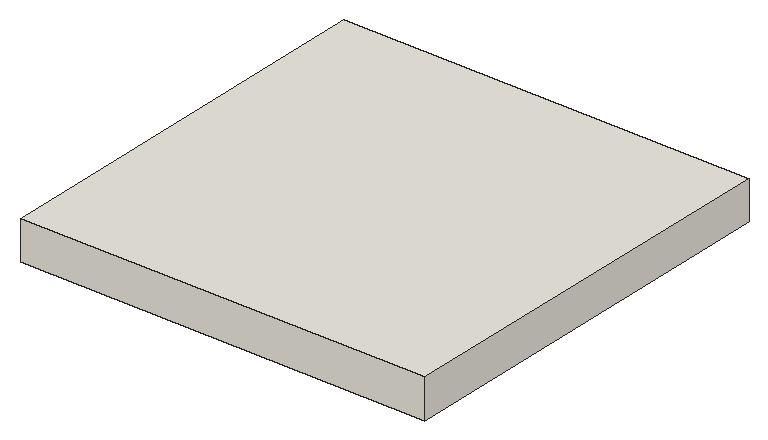
Revit family "UNIVERSAL", category Осветительные приборы, Revit 2019 (continued)
Types (12, lengths in mm): name | Файл фотометрической сетки | built-in parameter 1150105 | Lumens | built-in parameter 1150106 | built-in parameter 1150142 | Wattage | Emit from Rectangle Width | Emit from Rectangle Length | Длина | Ширина | ADSK_Ток | ADSK_Полная мощность | ADSK_Обозначение | ADSK_Номинальная мощность | ADSK_Наименование | ADSK_Код изделия
  CSVT Universal - 34/opal-sand 595x595х55 (IP20, 4000К) | "CSVT Universal-34_opal-sand.ies" | 246.69 (stored number, unit not read) | 3100 lm | 2.4669 (stored number, unit not read) | "IESNA:LM-63-95\r\n[TEST] Протокол № 50-12 \r\n[DATA] 20.06.2016\r\n[MORE] \r\n[MANUFAC] ЗАО \"Центрстройсвет\"\r\n[LUMCAT]  Светильник ALUMOGIPS-38/OPAL-SAND-(610x610)\r\n[LUMINAIRE]\r\n[LAMPCAT] Светодиоды\r\n[LAMP] Поток источника света (светодиодов) не известен\r\n[MORE] КСС приведена в абсолютных величинах кд\r\n[MORE] Вместо потока лампы, указан поток светильника.\r\nTILT=NONE\r\n1    3750 1.0 37 73 1 2 0.61 0.61 0.04\r\n1.0 1.0 38.7\r\n0.0 5.0 10.0 15.0 20.0 25.0 30.0 35.0 40.0 45.0 50.0 55.0 60.0 65.0 70.0 75.0 80.0 85.0 90.0 95.0 100.0 105.0 110.0 115.0 120.0 125.0 130.0 135.0 140.0 145.0 150.0 155.0 160.0 165.0 170.0 175.0 180.0\r\n0.0 5.0 10.0 15.0 20.0 25.0 30.0 35.0 40.0 45.0 50.0 55.0 60.0 65.0 70.0 75.0 80.0 85.0 90.0 95.0 100.0 105.0 110.0 115.0 120.0 125.0 130.0 135.0 140.0 145.0 150.0 155.0 160.0 165.0 170.0 175.0 180.0 185.0 190.0 195.0 200.0 205.0 210.0 215.0 220.0 225.0 230.0 235.0 240.0 245.0 250.0 255.0 260.0 265.0 270.0 275.0 280.0 285.0 290.0 295.0 300.0 305.0 310.0 315.0 320.0 325.0 330.0 335.0 340.0 345.0 350.0 355.0 360.0\r\n1391.4 1390.6 1365.7 1330.6 1277.5 1214.9 1147.5 1059.6 967.6 873.2 772.4 664.9 556.3 449.1 342.7 240.6 147.1 64.2 4.7 0.0 0.0 0.0 0.0 0.0 0.0 0.0 0.0 0.0 0.0 0.0 0.0 0.0 0.0 0.0 0.0 0.0 0.0\r\n1391.4 1390.5 1367.8 1332.7 1284.3 1221.3 1147.0 1062.1 969.2 872.4 773.2 666.3 557.1 450.1 343.8 241.9 146.9 64.7 5.2 0.0 0.0 0.0 0.0 0.0 0.0 0.0 0.0 0.0 0.0 0.0 0.0 0.0 0.0 0.0 0.0 0.0 0.0\r\n1391.4 1390.2 1372.0 1333.3 1277.3 1216.8 1144.5 1057.4 969.6 875.1 773.8 669.5 560.0 454.6 345.8 242.4 148.5 65.8 5.4 0.0 0.0 0.0 0.0 0.0 0.0 0.0 0.0 0.0 0.0 0.0 0.0 0.0 0.0 0.0 0.0 0.0 0.0\r\n1391.4 1389.8 1371.2 1330.7 1279.5 1220.5 1148.3 1059.9 967.7 873.2 767.5 666.8 561.4 453.0 347.1 243.7 149.9 65.6 5.8 0.0 0.0 0.0 0.0 0.0 0.0 0.0 0.0 0.0 0.0 0.0 0.0 0.0 0.0 0.0 0.0 0.0 0.0\r\n1391.4 1389.8 1368.3 1329.3 1285.0 1214.6 1141.1 1058.7 971.8 871.3 775.2 666.9 559.4 452.6 345.8 242.5 150.0 65.8 6.1 0.0 0.0 0.0 0.0 0.0 0.0 0.0 0.0 0.0 0.0 0.0 0.0 0.0 0.0 0.0 0.0 0.0 0.0\r\n1391.4 1390.5 1367.3 1332.3 1281.7 1219.0 1142.8 1064.6 970.5 874.4 772.1 667.5 560.2 453.0 346.2 241.8 149.4 65.7 5.6 0.0 0.0 0.0 0.0 0.0 0.0 0.0 0.0 0.0 0.0 0.0 0.0 0.0 0.0 0.0 0.0 0.0 0.0\r\n1391.4 1391.4 1368.1 1333.5 1277.3 1215.7 1139.0 1059.6 968.1 872.4 771.6 667.4 558.8 453.3 344.3 243.9 148.4 65.7 5.4 0.0 0.0 0.0 0.0 0.0 0.0 0.0 0.0 0.0 0.0 0.0 0.0 0.0 0.0 0.0 0.0 0.0 0.0\r\n1391.4 1391.7 1368.1 1330.4 1278.2 1213.9 1142.4 1061.6 967.4 875.1 772.0 669.3 561.1 452.5 345.2 242.1 148.3 65.4 5.5 0.0 0.0 0.0 0.0 0.0 0.0 0.0 0.0 0.0 0.0 0.0 0.0 0.0 0.0 0.0 0.0 0.0 0.0\r\n1391.4 1391.5 1371.0 1328.4 1278.5 1216.7 1142.1 1061.2 971.8 874.7 772.1 668.9 560.8 452.9 345.4 243.3 147.7 66.0 5.4 0.0 0.0 0.0 0.0 0.0 0.0 0.0 0.0 0.0 0.0 0.0 0.0 0.0 0.0 0.0 0.0 0.0 0.0\r\n1391.4 1391.5 1373.2 1330.5 1277.3 1215.5 1143.2 1063.6 967.0 872.7 772.2 669.4 558.9 453.2 346.6 241.9 148.1 65.2 5.5 0.0 0.0 0.0 0.0 0.0 0.0 0.0 0.0 0.0 0.0 0.0 0.0 0.0 0.0 0.0 0.0 0.0 0.0\r\n1391.4 1391.4 1369.7 1328.3 1281.3 1216.0 1139.8 1057.9 968.7 875.3 773.9 667.6 561.8 454.0 344.0 243.1 147.2 65.6 5.5 0.0 0.0 0.0 0.0 0.0 0.0 0.0 0.0 0.0 0.0 0.0 0.0 0.0 0.0 0.0 0.0 0.0 0.0\r\n1391.4 1390.5 1367.9 1330.1 1278.1 1218.1 1138.9 1061.0 970.0 871.8 770.4 669.3 560.2 453.4 346.9 242.1 148.3 65.2 5.2 0.0 0.0 0.0 0.0 0.0 0.0 0.0 0.0 0.0 0.0 0.0 0.0 0.0 0.0 0.0 0.0 0.0 0.0\r\n1391.4 1389.3 1368.2 1329.1 1280.8 1214.4 1142.5 1059.2 967.2 874.3 772.4 668.0 563.1 452.3 345.7 242.8 146.8 64.9 5.1 0.0 0.0 0.0 0.0 0.0 0.0 0.0 0.0 0.0 0.0 0.0 0.0 0.0 0.0 0.0 0.0 0.0 0.0\r\n1391.4 1388.6 1367.4 1327.8 1278.0 1215.7 1141.0 1061.0 971.5 877.3 771.2 667.3 561.5 453.0 346.4 242.4 146.3 64.8 5.2 0.0 0.0 0.0 0.0 0.0 0.0 0.0 0.0 0.0 0.0 0.0 0.0 0.0 0.0 0.0 0.0 0.0 0.0\r\n1391.4 1388.0 1367.6 1326.7 1278.3 1218.0 1140.9 1061.5 968.4 873.4 770.1 666.6 562.1 454.6 344.8 241.8 146.4 64.0 5.5 0.0 0.0 0.0 0.0 0.0 0.0 0.0 0.0 0.0 0.0 0.0 0.0 0.0 0.0 0.0 0.0 0.0 0.0\r\n1391.4 1387.2 1366.1 1331.0 1281.4 1216.3 1142.7 1059.1 969.4 871.5 772.2 667.3 560.5 453.0 344.4 242.2 146.4 63.8 5.6 0.0 0.0 0.0 0.0 0.0 0.0 0.0 0.0 0.0 0.0 0.0 0.0 0.0 0.0 0.0 0.0 0.0 0.0\r\n1391.4 1387.1 1366.3 1328.7 1276.9 1214.5 1141.2 1059.3 968.4 874.3 775.5 668.3 562.5 454.9 346.4 241.3 146.2 63.5 5.7 0.0 0.0 0.0 0.0 0.0 0.0 0.0 0.0 0.0 0.0 0.0 0.0 0.0 0.0 0.0 0.0 0.0 0.0\r\n1391.4 1388.4 1366.0 1329.7 1279.2 1217.9 1140.0 1060.5 969.0 873.9 772.0 671.3 560.4 453.2 343.7 241.7 145.8 63.7 5.4 0.0 0.0 0.0 0.0 0.0 0.0 0.0 0.0 0.0 0.0 0.0 0.0 0.0 0.0 0.0 0.0 0.0 0.0\r\n1391.4 1389.6 1367.7 1329.3 1277.2 1211.1 1140.1 1061.0 971.0 871.2 769.2 669.1 561.5 453.1 343.3 241.9 145.8 63.4 5.2 0.0 0.0 0.0 0.0 0.0 0.0 0.0 0.0 0.0 0.0 0.0 0.0 0.0 0.0 0.0 0.0 0.0 0.0\r\n1391.4 1388.8 1366.9 1327.1 1279.4 1214.2 1142.5 1056.4 970.7 870.3 771.0 665.1 560.4 453.3 343.8 241.1 145.7 63.4 5.2 0.0 0.0 0.0 0.0 0.0 0.0 0.0 0.0 0.0 0.0 0.0 0.0 0.0 0.0 0.0 0.0 0.0 0.0\r\n1391.4 1387.2 1365.8 1328.9 1276.6 1210.2 1141.4 1059.3 966.6 871.4 770.5 667.4 559.2 451.4 344.2 241.0 145.6 63.2 5.1 0.0 0.0 0.0 0.0 0.0 0.0 0.0 0.0 0.0 0.0 0.0 0.0 0.0 0.0 0.0 0.0 0.0 0.0\r\n1391.4 1386.8 1364.4 1329.8 1279.4 1213.7 1144.0 1059.0 965.3 873.7 768.8 668.9 559.4 449.5 342.6 241.5 144.6 63.4 5.0 0.0 0.0 0.0 0.0 0.0 0.0 0.0 0.0 0.0 0.0 0.0 0.0 0.0 0.0 0.0 0.0 0.0 0.0\r\n1391.4 1388.1 1365.8 1328.1 1273.8 1213.4 1137.9 1059.2 967.3 869.2 769.3 667.7 558.4 451.4 344.0 240.6 145.7 63.4 4.9 0.0 0.0 0.0 0.0 0.0 0.0 0.0 0.0 0.0 0.0 0.0 0.0 0.0 0.0 0.0 0.0 0.0 0.0\r\n1391.4 1389.2 1364.4 1323.2 1276.3 1213.8 1137.6 1055.3 963.1 871.0 767.7 664.1 559.7 447.1 342.4 240.1 145.2 63.9 5.1 0.0 0.0 0.0 0.0 0.0 0.0 0.0 0.0 0.0 0.0 0.0 0.0 0.0 0.0 0.0 0.0 0.0 0.0\r\n1391.4 1388.4 1362.3 1326.8 1274.4 1212.2 1137.9 1054.7 966.7 867.9 768.7 663.4 557.3 449.2 343.3 240.0 145.7 63.6 5.0 0.0 0.0 0.0 0.0 0.0 0.0 0.0 0.0 0.0 0.0 0.0 0.0 0.0 0.0 0.0 0.0 0.0 0.0\r\n1391.4 1386.2 1361.8 1326.5 1273.3 1211.2 1134.5 1048.6 964.3 866.3 767.8 662.9 556.7 449.5 341.9 239.8 145.7 63.7 5.0 0.0 0.0 0.0 0.0 0.0 0.0 0.0 0.0 0.0 0.0 0.0 0.0 0.0 0.0 0.0 0.0 0.0 0.0\r\n1391.4 1384.4 1363.5 1324.4 1272.0 1209.5 1137.2 1053.0 960.2 867.5 767.9 662.7 556.7 449.2 342.5 239.1 146.2 63.8 4.8 0.0 0.0 0.0 0.0 0.0 0.0 0.0 0.0 0.0 0.0 0.0 0.0 0.0 0.0 0.0 0.0 0.0 0.0\r\n1391.4 1383.7 1362.4 1324.4 1274.0 1209.5 1134.4 1050.1 965.4 864.9 764.6 662.3 556.6 447.9 340.5 240.3 145.5 64.6 4.6 0.0 0.0 0.0 0.0 0.0 0.0 0.0 0.0 0.0 0.0 0.0 0.0 0.0 0.0 0.0 0.0 0.0 0.0\r\n1391.4 1384.4 1361.9 1326.9 1270.2 1207.3 1132.7 1050.1 959.7 867.7 763.1 662.2 555.0 447.3 343.0 238.3 145.8 63.9 4.7 0.0 0.0 0.0 0.0 0.0 0.0 0.0 0.0 0.0 0.0 0.0 0.0 0.0 0.0 0.0 0.0 0.0 0.0\r\n1391.4 1385.1 1363.0 1320.0 1270.4 1207.9 1134.4 1055.0 963.5 867.3 766.7 660.7 555.9 450.1 342.6 240.2 145.9 64.3 4.9 0.0 0.0 0.0 0.0 0.0 0.0 0.0 0.0 0.0 0.0 0.0 0.0 0.0 0.0 0.0 0.0 0.0 0.0\r\n1391.4 1384.9 1362.3 1321.4 1273.1 1208.0 1135.4 1052.3 961.9 865.0 764.0 660.8 553.5 447.6 341.2 240.3 146.1 63.8 4.8 0.0 0.0 0.0 0.0 0.0 0.0 0.0 0.0 0.0 0.0 0.0 0.0 0.0 0.0 0.0 0.0 0.0 0.0\r\n1391.4 1383.8 1361.2 1322.1 1265.1 1211.5 1132.8 1049.3 961.3 863.4 764.0 661.0 550.7 447.9 341.0 240.1 146.2 63.8 4.6 0.0 0.0 0.0 0.0 0.0 0.0 0.0 0.0 0.0 0.0 0.0 0.0 0.0 0.0 0.0 0.0 0.0 0.0\r\n1391.4 1382.8 1359.3 1321.5 1269.3 1206.8 1132.8 1051.1 958.3 863.2 763.1 662.7 553.4 448.0 340.4 240.0 145.8 63.8 4.0 0.0 0.0 0.0 0.0 0.0 0.0 0.0 0.0 0.0 0.0 0.0 0.0 0.0 0.0 0.0 0.0 0.0 0.0\r\n1391.4 1382.6 1359.0 1319.6 1268.1 1204.3 1129.8 1049.0 957.7 861.8 761.7 658.4 554.2 446.1 340.4 239.0 145.6 63.8 3.8 0.0 0.0 0.0 0.0 0.0 0.0 0.0 0.0 0.0 0.0 0.0 0.0 0.0 0.0 0.0 0.0 0.0 0.0\r\n1391.4 1382.8 1358.5 1315.8 1266.5 1202.1 1128.5 1049.2 957.6 860.0 762.1 658.2 549.9 443.8 339.6 238.4 145.7 63.6 3.7 0.0 0.0 0.0 0.0 0.0 0.0 0.0 0.0 0.0 0.0 0.0 0.0 0.0 0.0 0.0 0.0 0.0 0.0\r\n1391.4 1382.2 1360.5 1319.2 1265.9 1204.5 1129.9 1046.9 955.0 862.9 758.9 657.9 552.5 444.9 338.9 238.8 145.3 63.6 3.3 0.0 0.0 0.0 0.0 0.0 0.0 0.0 0.0 0.0 0.0 0.0 0.0 0.0 0.0 0.0 0.0 0.0 0.0\r\n1391.4 1381.1 1361.2 1321.0 1268.1 1203.8 1128.8 1047.4 955.6 863.7 761.1 656.4 551.5 445.2 339.2 238.5 144.7 62.5 3.5 0.0 0.0 0.0 0.0 0.0 0.0 0.0 0.0 0.0 0.0 0.0 0.0 0.0 0.0 0.0 0.0 0.0 0.0\r\n1391.4 1380.6 1359.0 1316.4 1268.5 1204.0 1126.1 1049.5 956.2 859.6 759.7 656.5 549.2 444.3 338.4 236.1 143.8 61.6 3.2 0.0 0.0 0.0 0.0 0.0 0.0 0.0 0.0 0.0 0.0 0.0 0.0 0.0 0.0 0.0 0.0 0.0 0.0\r\n1391.4 1380.7 1356.6 1316.0 1267.0 1205.6 1130.3 1044.8 956.9 856.7 759.3 653.5 548.1 441.9 335.3 235.4 141.4 60.3 2.9 0.0 0.0 0.0 0.0 0.0 0.0 0.0 0.0 0.0 0.0 0.0 0.0 0.0 0.0 0.0 0.0 0.0 0.0\r\n1391.4 1380.4 1354.4 1317.9 1268.8 1199.0 1129.0 1044.0 956.9 860.6 758.3 656.9 549.1 442.0 334.4 236.1 141.7 60.5 2.6 0.0 0.0 0.0 0.0 0.0 0.0 0.0 0.0 0.0 0.0 0.0 0.0 0.0 0.0 0.0 0.0 0.0 0.0\r\n1391.4 1380.1 1356.7 1322.1 1264.6 1201.7 1129.9 1047.4 957.2 859.7 758.2 656.1 549.4 442.8 335.3 235.8 141.3 60.6 2.3 0.0 0.0 0.0 0.0 0.0 0.0 0.0 0.0 0.0 0.0 0.0 0.0 0.0 0.0 0.0 0.0 0.0 0.0\r\n1391.4 1379.9 1357.3 1317.5 1265.9 1207.8 1129.2 1046.5 955.7 860.2 758.6 656.9 550.7 441.9 335.4 233.9 140.6 60.2 2.4 0.0 0.0 0.0 0.0 0.0 0.0 0.0 0.0 0.0 0.0 0.0 0.0 0.0 0.0 0.0 0.0 0.0 0.0\r\n1391.4 1379.2 1355.5 1314.6 1269.3 1203.7 1133.5 1044.8 957.2 857.9 762.0 656.6 548.7 440.4 335.9 234.5 140.4 59.8 2.8 0.0 0.0 0.0 0.0 0.0 0.0 0.0 0.0 0.0 0.0 0.0 0.0 0.0 0.0 0.0 0.0 0.0 0.0\r\n1391.4 1377.9 1357.1 1319.2 1271.9 1204.4 1128.6 1050.2 953.1 856.9 757.6 653.7 548.9 439.9 335.4 232.4 140.5 59.2 3.0 0.0 0.0 0.0 0.0 0.0 0.0 0.0 0.0 0.0 0.0 0.0 0.0 0.0 0.0 0.0 0.0 0.0 0.0\r\n1391.4 1377.2 1356.3 1322.9 1266.0 1204.8 1132.2 1049.0 958.1 859.3 759.0 654.6 547.0 441.6 334.9 232.1 139.3 58.8 2.9 0.0 0.0 0.0 0.0 0.0 0.0 0.0 0.0 0.0 0.0 0.0 0.0 0.0 0.0 0.0 0.0 0.0 0.0\r\n1391.4 1377.8 1353.8 1319.7 1269.6 1207.9 1135.8 1049.5 955.8 858.0 762.4 655.9 548.2 441.6 335.6 231.7 139.4 58.8 2.8 0.0 0.0 0.0 0.0 0.0 0.0 0.0 0.0 0.0 0.0 0.0 0.0 0.0 0.0 0.0 0.0 0.0 0.0\r\n1391.4 1378.5 1355.2 1319.8 1267.3 1206.5 1131.2 1046.1 954.6 861.2 756.6 653.8 548.1 440.3 335.0 232.6 138.6 59.0 2.9 0.0 0.0 0.0 0.0 0.0 0.0 0.0 0.0 0.0 0.0 0.0 0.0 0.0 0.0 0.0 0.0 0.0 0.0\r\n1391.4 1378.6 1355.1 1318.3 1269.7 1200.8 1133.1 1049.0 957.6 862.5 762.4 656.9 549.3 443.5 334.7 231.2 138.8 58.1 3.0 0.0 0.0 0.0 0.0 0.0 0.0 0.0 0.0 0.0 0.0 0.0 0.0 0.0 0.0 0.0 0.0 0.0 0.0\r\n1391.4 1378.8 1355.8 1321.7 1268.8 1210.0 1129.0 1048.5 958.8 862.4 762.2 656.4 549.0 441.1 335.4 231.5 138.5 58.1 3.0 0.0 0.0 0.0 0.0 0.0 0.0 0.0 0.0 0.0 0.0 0.0 0.0 0.0 0.0 0.0 0.0 0.0 0.0\r\n1391.4 1379.6 1357.6 1321.7 1269.0 1207.1 1133.9 1047.0 964.1 863.3 761.9 656.4 551.5 440.7 334.9 232.2 137.6 58.1 2.8 0.0 0.0 0.0 0.0 0.0 0.0 0.0 0.0 0.0 0.0 0.0 0.0 0.0 0.0 0.0 0.0 0.0 0.0\r\n1391.4 1380.6 1357.7 1319.2 1272.0 1207.5 1131.3 1054.6 959.0 863.3 764.8 655.9 549.1 443.0 335.1 231.3 138.0 58.1 2.7 0.0 0.0 0.0 0.0 0.0 0.0 0.0 0.0 0.0 0.0 0.0 0.0 0.0 0.0 0.0 0.0 0.0 0.0\r\n1391.4 1381.5 1358.5 1321.9 1271.0 1204.1 1135.9 1055.8 962.5 865.5 761.1 656.9 550.6 442.0 335.3 231.9 137.4 57.9 2.6 0.0 0.0 0.0 0.0 0.0 0.0 0.0 0.0 0.0 0.0 0.0 0.0 0.0 0.0 0.0 0.0 0.0 0.0\r\n1391.4 1381.3 1358.5 1322.3 1270.8 1207.2 1133.7 1051.9 958.0 867.3 767.5 657.0 552.1 442.3 333.6 231.2 137.9 57.8 2.6 0.0 0.0 0.0 0.0 0.0 0.0 0.0 0.0 0.0 0.0 0.0 0.0 0.0 0.0 0.0 0.0 0.0 0.0\r\n1391.4 1380.6 1359.4 1319.7 1270.6 1209.0 1133.0 1052.1 963.9 867.5 764.1 660.0 554.0 443.3 334.8 231.7 137.6 57.8 2.7 0.0 0.0 0.0 0.0 0.0 0.0 0.0 0.0 0.0 0.0 0.0 0.0 0.0 0.0 0.0 0.0 0.0 0.0\r\n1391.4 1381.3 1359.9 1321.3 1270.6 1204.8 1135.0 1051.3 962.1 865.5 761.7 660.3 553.1 443.5 334.1 231.9 137.9 57.8 2.8 0.0 0.0 0.0 0.0 0.0 0.0 0.0 0.0 0.0 0.0 0.0 0.0 0.0 0.0 0.0 0.0 0.0 0.0\r\n1391.4 1383.1 1362.1 1324.8 1273.8 1208.7 1134.8 1055.9 961.8 866.4 762.3 659.7 552.4 443.7 334.4 232.8 138.0 58.0 2.8 0.0 0.0 0.0 0.0 0.0 0.0 0.0 0.0 0.0 0.0 0.0 0.0 0.0 0.0 0.0 0.0 0.0 0.0\r\n1391.4 1384.6 1360.4 1321.7 1272.0 1210.6 1130.9 1052.5 963.1 866.7 767.4 659.3 553.7 444.6 335.4 233.1 138.3 58.0 2.8 0.0 0.0 0.0 0.0 0.0 0.0 0.0 0.0 0.0 0.0 0.0 0.0 0.0 0.0 0.0 0.0 0.0 0.0\r\n1391.4 1385.6 1357.5 1324.7 1273.9 1211.6 1134.3 1052.7 963.6 865.4 763.1 658.7 552.2 444.9 336.9 232.8 138.8 58.6 2.9 0.0 0.0 0.0 0.0 0.0 0.0 0.0 0.0 0.0 0.0 0.0 0.0 0.0 0.0 0.0 0.0 0.0 0.0\r\n1391.4 1386.4 1357.8 1323.4 1273.2 1212.2 1136.3 1054.7 967.5 867.5 764.0 659.4 553.3 443.7 336.8 233.2 138.9 58.5 3.1 0.0 0.0 0.0 0.0 0.0 0.0 0.0 0.0 0.0 0.0 0.0 0.0 0.0 0.0 0.0 0.0 0.0 0.0\r\n1391.4 1386.6 1362.0 1324.9 1273.2 1211.3 1139.0 1049.9 960.3 866.4 768.0 661.3 552.2 443.4 336.3 233.4 139.8 58.9 3.1 0.0 0.0 0.0 0.0 0.0 0.0 0.0 0.0 0.0 0.0 0.0 0.0 0.0 0.0 0.0 0.0 0.0 0.0\r\n1391.4 1386.0 1360.5 1326.0 1271.8 1212.0 1137.2 1059.3 963.5 867.6 766.9 661.2 552.3 445.8 337.8 233.6 141.0 59.2 3.3 0.0 0.0 0.0 0.0 0.0 0.0 0.0 0.0 0.0 0.0 0.0 0.0 0.0 0.0 0.0 0.0 0.0 0.0\r\n1391.4 1385.0 1362.3 1325.1 1272.0 1207.1 1138.5 1053.6 964.5 865.8 766.5 661.6 554.3 445.9 337.0 234.5 140.4 60.2 3.5 0.0 0.0 0.0 0.0 0.0 0.0 0.0 0.0 0.0 0.0 0.0 0.0 0.0 0.0 0.0 0.0 0.0 0.0\r\n1391.4 1384.4 1361.8 1323.6 1274.0 1214.8 1138.9 1053.9 968.0 867.9 769.0 663.8 555.6 446.7 339.6 235.0 141.3 60.4 3.4 0.0 0.0 0.0 0.0 0.0 0.0 0.0 0.0 0.0 0.0 0.0 0.0 0.0 0.0 0.0 0.0 0.0 0.0\r\n1391.4 1385.0 1360.9 1322.2 1272.4 1209.8 1137.2 1055.7 962.7 869.7 769.6 658.2 556.6 447.4 338.5 236.2 142.5 60.7 3.4 0.0 0.0 0.0 0.0 0.0 0.0 0.0 0.0 0.0 0.0 0.0 0.0 0.0 0.0 0.0 0.0 0.0 0.0\r\n1391.4 1386.6 1363.1 1323.6 1272.5 1211.5 1139.2 1058.4 969.9 868.0 768.8 664.6 556.3 445.8 342.1 236.1 142.3 61.2 3.5 0.0 0.0 0.0 0.0 0.0 0.0 0.0 0.0 0.0 0.0 0.0 0.0 0.0 0.0 0.0 0.0 0.0 0.0\r\n1391.4 1388.6 1360.9 1330.2 1273.7 1213.2 1138.7 1058.3 966.2 867.0 766.8 663.4 553.3 447.1 339.2 238.7 143.0 61.4 3.8 0.0 0.0 0.0 0.0 0.0 0.0 0.0 0.0 0.0 0.0 0.0 0.0 0.0 0.0 0.0 0.0 0.0 0.0\r\n1391.4 1389.8 1360.8 1328.4 1276.8 1216.0 1140.1 1055.8 963.1 870.3 768.4 663.1 554.0 449.1 340.1 237.3 144.8 61.7 3.8 0.0 0.0 0.0 0.0 0.0 0.0 0.0 0.0 0.0 0.0 0.0 0.0 0.0 0.0 0.0 0.0 0.0 0.0\r\n1391.4 1389.3 1362.5 1325.9 1278.0 1210.4 1138.2 1054.7 967.8 872.7 770.2 661.9 556.5 446.9 341.3 237.7 144.4 62.5 3.9 0.0 0.0 0.0 0.0 0.0 0.0 0.0 0.0 0.0 0.0 0.0 0.0 0.0 0.0 0.0 0.0 0.0 0.0\r\n1391.4 1387.8 1365.8 1326.6 1274.3 1213.2 1141.4 1053.1 966.2 871.2 768.4 663.7 555.0 447.1 341.3 238.2 144.3 62.7 4.1 0.0 0.0 0.0 0.0 0.0 0.0 0.0 0.0 0.0 0.0 0.0 0.0 0.0 0.0 0.0 0.0 0.0 0.0\r\n1391.4 1387.2 1364.2 1328.3 1274.8 1209.4 1145.0 1060.0 963.9 867.5 766.5 663.4 556.7 448.2 340.9 240.3 144.7 63.3 4.0 0.0 0.0 0.0 0.0 0.0 0.0 0.0 0.0 0.0 0.0 0.0 0.0 0.0 0.0 0.0 0.0 0.0 0.0\r\n1391.4 1388.4 1364.9 1332.6 1279.0 1215.6 1140.9 1056.3 969.3 867.1 770.0 663.8 559.0 449.0 342.4 240.3 145.7 63.3 4.7 0.0 0.0 0.0 0.0 0.0 0.0 0.0 0.0 0.0 0.0 0.0 0.0 0.0 0.0 0.0 0.0 0.0 0.0\r\n1391.4 1390.0 1364.5 1329.3 1281.4 1217.7 1141.3 1063.3 970.3 871.1 768.8 663.5 555.2 449.3 342.4 239.8 146.6 63.3 4.9 0.0 0.0 0.0 0.0 0.0 0.0 0.0 0.0 0.0 0.0 0.0 0.0 0.0 0.0 0.0 0.0 0.0 0.0\r\n1391.4 1390.6 1365.7 1330.6 1277.5 1214.9 1147.5 1059.6 967.6 873.2 772.4 664.9 556.3 449.1 342.7 240.6 147.1 64.2 4.7 0.0 0.0 0.0 0.0 0.0 0.0 0.0 0.0 0.0 0.0 0.0 0.0 0.0 0.0 0.0 0.0 0.0 0.0\r\n" | 20.8695 W | 555 | 555 | 595 | 595 | 0.151229 A | 34.7826 VA | "CSVT Universal - 34/opal-sand 595x595х55 (IP20, 4000К)" | 32 W | "Универсальный светодиодный светильник CSVT Universal - 34/opal-sand 595x595х55 (IP20, 4000К)" | "ЦБ000007790"
  CSVT Universal - 34/opal- sand 595x595х55 (IP20, 4000К) с БАП на 1 час | "CSVT Universal-34_opal-sand.ies" | 246.69 (stored number, unit not read) | 3100 lm | 2.4669 (stored number, unit not read) | "IESNA:LM-63-1995\r\n[DATA] 04.05.2017\r\n[MANUFAC] Joint stock company Centrstroysvet\r\n[LUMCAT] CSVT Universal-34/opal-sand\r\n[LUMINAIRE] for General illumination of public buildings and other similar premises\r\n[LAMP] LED\r\nTILT=NONE\r\n1 3323 3.323 91 1 1 2\r\n0.595 0.595 0.055\r\n1 1 31.12\r\n0 1 2 3 4 5 6 7 8 9 10 11 12 13 14 15 16 17 18 19 20 21 22 23 24 25 26 27 28 29 30 31 32 33 34 35 36 37 38 39 40 41 42 43 44 45 46 47 48 49 50 51 52 53 54 55 56 57 58 59 60 61 62 63 64 65 66 67 68 69 70 71 72 73 74 75 76 77 78 79 80 81 82 83 84 85 86 87 88 89 90 \r\n0 \r\n374.6 374.5 374.3 373.9 373.4 372.6 371.6 370.6 369.3 367.9 366.3 364.6 362.6 360.7 358.5 356.1 353.6 351 348.2 345.3 342.2 339.1 335.7 332.4 328.8 325.1 321.3 317.4 313.3 309.3 305 300.6 296.3 291.7 287.2 282.5 277.7 273 268.1 263.2 258.1 253.1 247.9 242.9 237.5 232.3 227 221.6 216.2 210.8 205.2 199.7 194 188.4 182.7 177.1 171.3 165.6 159.9 154.1 148.3 142.5 136.6 130.7 125 119 113.1 107.3 101.4 95.6 89.8 84 78.4 72.8 67.2 61.8 56.3 51.1 45.9 40.9 36 31.4 27 22.7 18.6 14.8 11.2 7.8 4.6 2 0\r\n" | 20.8695 W | 555 | 555 | 595 | 595 | 0.151229 A | 34.7826 VA | "CSVT Universal - 34/opal- sand 595x595х55 (IP20, 4000К)" | 32 W | "Универсальный светодиодный светильник CSVT Universal - 34/opal- sand 595x595х55 (IP20, 4000К) с БАП на 1 час" | "ЦБ000007797"
